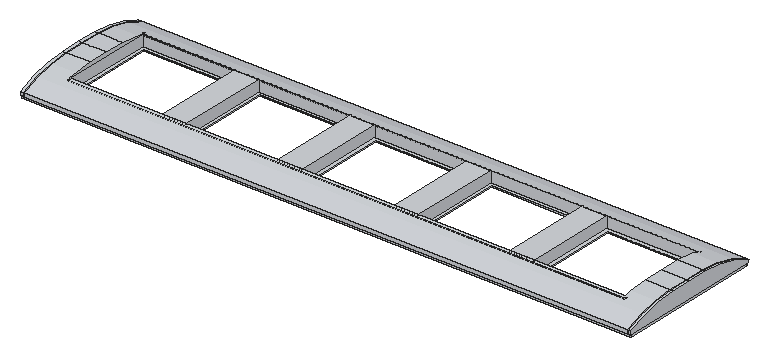
Revit family "Gira_0215733", category Electrical Fixtures, host Face, Revit 2017
Family settings
  Host = Face
  Maintain Annotation Orientation = No
  Round Connector Dimension = Use Diameter
  Part Type = Normal
  Cut with Voids When Loaded = No
  Shared = No
  Room Calculation Point = No
Parameters (values of type "Cov.fr. 5-g interm.fr. PW Gira Event Clear black")
  URL = "http://katalog.gira.de/en/datenblatt.html?artikelnr=0215733"
  Transparent = "No"
  Name = "Cov.fr. 5-g interm.fr. PW Gira Event Clear black"
  Manufacturer URL = "https://www.gira.de/"
  Manufacturer = "Gira"
  Label space/information surface = "No"
  Keynote = ""
  HeinzeBIM = "https://bimportal.heinze.de/bim/cov-fr-5-g-interm-fr-pw-gira-event-clear-black/1325d888bf1c276839e96593a5c3b328f4729d8b"
  HAN = "0215733"
  GTIN = "4010337068846"
  Description = "Cov.fr.5g i.fr.PW EvCl BK,Gira Event Clear cover frame,black with pure white glossy intermediate frame,5-gang,Features:,- Shatter-proof."
  Default Elevation = 1219.2 mm
  Data sheet (1) = "https://katalog.gira.de/en/download.html?artikelnr=0215733"
  Category = "Cover frame for domestic switching devices"
  BIM (1) = "https://media.stage.bim.site/public/gira/36a6b08/Event_Rahmen_5fach.rfa"
  Available = "No"
Reference planes
  plane 1 "Center (Front/Back)": y = 0
  plane 2: z = 0
  plane 3 "Center (Left/Right)": x = 0
Forms (mm)
  Extrusion 1, solid, detail levels fine
    sketch origin (0, 0, 0.05) x (0, 1, 0) y (0, 0, 1)
      loop
        arc (12.445, 9.683) -> (6.223, 9.833) -> (0, 9.85) r 291.636
        arc (0, 9.85) -> (-6.223, 9.833) -> (-12.445, 9.683) r 291.636
        arc (-12.445, 9.683) -> (-29.14, 7.482) -> (-45, 1.823) r 79.728
        line (-45, 1.823) -> (-45, -0.05) -> (-42.086, -0.05)
        arc (-42.086, -0.05) -> (-21.385, 5.559) -> (0, 7.206) r 114.424
        arc (0, 7.206) -> (21.385, 5.559) -> (42.086, -0.05) r 114.424
        line (42.086, -0.05) -> (45, -0.05) -> (45, 1.823)
        arc (45, 1.823) -> (29.14, 7.482) -> (12.445, 9.683) r 79.728
    from -185.578 to 185.593
  Extrusion 2, void, detail levels fine
    sketch origin (0, 0, 0) x (1, 0, 0) y (0, 1, 0)
      loop
        line (170.607, 28) -> (-170.593, 28) -> (-170.593, -28) -> (170.607, -28) -> (170.607, 28)
    from 0.724 to 11
  Extrusion 3, solid, detail levels coarse
    sketch origin (0, 0, 0) x (1, 0, 0) y (0, 1, 0)
      loop
        line (-187.578, 45) -> (-187.578, -45) -> (187.593, -45) -> (187.593, 45) -> (-187.578, 45)
    from -1.5 to 9.9
  Extrusion 4, solid, detail levels medium
    sketch origin (0, 0, 0.05) x (0, 1, 0) y (0, 0, 1)
      loop
        arc (12.445, 9.683) -> (6.223, 9.833) -> (0, 9.85) r 291.636
        arc (0, 9.85) -> (-6.223, 9.833) -> (-12.445, 9.683) r 291.636
        arc (-12.445, 9.683) -> (-29.14, 7.482) -> (-45, 1.823) r 79.728
        line (-45, 1.823) -> (-45, -0.05) -> (45, -0.05) -> (45, 1.823)
        arc (45, 1.823) -> (29.14, 7.482) -> (12.445, 9.683) r 79.728
    from -187.578 to 187.593
  Extrusion 5, solid, detail levels fine
    sketch origin (-142.578, 0, -1.5) x (0, 1, 0) y (0, 0, -1)
      loop
        line (45, -3.373) -> (45, -1.5) -> (-45, -1.5) -> (-45, -3.373)
        arc (-45, -3.373) -> (-29.14, -9.032) -> (-12.445, -11.233) r 79.728
        arc (-12.445, -11.233) -> (-6.223, -11.383) -> (0, -11.4) r 291.636
        arc (0, -11.4) -> (6.223, -11.383) -> (12.445, -11.233) r 291.636
        arc (12.445, -11.233) -> (29.14, -9.032) -> (45, -3.373) r 79.728
    from 43 to 45
  Extrusion 6, solid, detail levels fine
    sketch origin (0, 0, 0) x (1, 0, 0) y (0, 1, 0)
      loop
        line (-168.493, 25.7) -> (-168.493, -25.7) -> (-116.693, -25.7) -> (-116.693, 25.7) -> (-168.493, 25.7)
      loop
        line (-45.398, -25.7) -> (-45.398, 25.7) -> (-97.198, 25.7) -> (-97.198, -25.7) -> (-45.398, -25.7)
      loop
        line (-171.487, 28.49) -> (-171.487, -28.495)
        spline (-171.487, -28.495) -> (-171.479, -28.625) -> (-171.453, -28.754) -> (-171.411, -28.878) -> (-171.353, -28.995) -> (-171.281, -29.104) -> (-171.194, -29.202) -> (-171.096, -29.288) -> (-170.987, -29.361) -> (-170.87, -29.419) -> (-170.746, -29.461) -> (-170.618, -29.486) -> (-170.487, -29.495)
        line (-170.487, -29.495) -> (170.502, -29.495)
        spline (170.502, -29.495) -> (170.633, -29.486) -> (170.761, -29.461) -> (170.885, -29.419) -> (171.002, -29.361) -> (171.111, -29.288) -> (171.209, -29.202) -> (171.296, -29.104) -> (171.368, -28.995) -> (171.426, -28.878) -> (171.468, -28.754) -> (171.494, -28.625) -> (171.502, -28.495)
        line (171.502, -28.495) -> (171.502, 28.49)
        spline (171.502, 28.49) -> (171.494, 28.62) -> (171.468, 28.748) -> (171.426, 28.872) -> (171.368, 28.99) -> (171.296, 29.098) -> (171.209, 29.197) -> (171.111, 29.283) -> (171.002, 29.356) -> (170.885, 29.413) -> (170.761, 29.456) -> (170.633, 29.481) -> (170.502, 29.49)
        line (170.502, 29.49) -> (-170.487, 29.49)
        spline (-170.487, 29.49) -> (-170.618, 29.481) -> (-170.746, 29.456) -> (-170.87, 29.413) -> (-170.987, 29.356) -> (-171.096, 29.283) -> (-171.194, 29.197) -> (-171.281, 29.098) -> (-171.353, 28.99) -> (-171.411, 28.872) -> (-171.453, 28.748) -> (-171.479, 28.62) -> (-171.487, 28.49)
      loop
        line (25.902, -25.7) -> (25.902, 25.7) -> (-25.898, 25.7) -> (-25.898, -25.7) -> (25.902, -25.7)
      loop
        line (97.207, -25.7) -> (97.207, 25.7) -> (45.407, 25.7) -> (45.407, -25.7) -> (97.207, -25.7)
      loop
        line (168.507, -25.7) -> (168.507, 25.7) -> (116.707, 25.7) -> (116.707, -25.7) -> (168.507, -25.7)
    from 0.1 to 7.3
  Extrusion 7, solid
    sketch origin (0, 0, 0) x (1, 0, 0) y (0, 1, 0)
      loop
        arc (-187.293, -44.218) -> (-187.146, -44.572) -> (-186.793, -44.718) r 0.5
        line (-186.793, -44.718) -> (186.807, -44.718)
        arc (186.807, -44.718) -> (187.161, -44.572) -> (187.307, -44.218) r 0.5
        line (187.307, -44.218) -> (187.307, 44.182)
        arc (187.307, 44.182) -> (187.161, 44.535) -> (186.807, 44.682) r 0.5
        line (186.807, 44.682) -> (-186.793, 44.682)
        arc (-186.793, 44.682) -> (-187.146, 44.535) -> (-187.293, 44.182) r 0.5
        line (-187.293, 44.182) -> (-187.293, -44.218)
      loop
        line (-185.593, 42.982) -> (-185.593, -43.018) -> (185.607, -43.018) -> (185.607, 42.982) -> (-185.593, 42.982)
    from -1.5 to 0.5
  Extrusion 8, solid, detail levels fine
    sketch origin (142.593, 0, -1.5) x (0, 1, 0) y (0, 0, 1)
      loop
        arc (45, 3.373) -> (29.14, 9.032) -> (12.445, 11.233) r 79.728
        arc (12.445, 11.233) -> (6.223, 11.383) -> (0, 11.4) r 291.636
        arc (0, 11.4) -> (-6.223, 11.383) -> (-12.445, 11.233) r 291.636
        arc (-12.445, 11.233) -> (-29.14, 9.032) -> (-45, 3.373) r 79.728
        line (-45, 3.373) -> (-45, 1.5) -> (45, 1.5) -> (45, 3.373)
    from 43 to 45
  Extrusion 9, solid, detail levels medium
    sketch origin (0, 0, 0) x (1, 0, 0) y (0, 1, 0)
      loop
        line (-187.293, -44.718) -> (187.307, -44.718) -> (187.307, 44.682) -> (-187.293, 44.682) -> (-187.293, -44.718)
    from -1.5 to 0.5
  Extrusion 10, solid, detail levels fine
    sketch origin (-105.5, 0, 0) x (1, 0, 0) y (0, 1, 0)
      loop
        line (-8.943, 28.063) -> (-8.943, -27.937) -> (6.057, -27.937) -> (6.057, 28.063) -> (-8.943, 28.063)
    from 0.724 to 7.566
  Extrusion 11, solid, detail levels fine
    sketch origin (-37.085, 0, 0) x (-1, 0, 0) y (0, -1, 0)
      loop
        line (-8.943, -28.063) -> (6.057, -28.063) -> (6.057, 27.937) -> (-8.943, 27.937) -> (-8.943, -28.063)
    from 0.724 to 7.566
  Extrusion 12, solid, detail levels fine
    sketch origin (105.5, 0, 0) x (-1, 0, 0) y (0, -1, 0)
      loop
        line (-8.943, -28.063) -> (6.057, -28.063) -> (6.057, 27.937) -> (-8.943, 27.937) -> (-8.943, -28.063)
    from 0.724 to 7.566
  Extrusion 13, solid, detail levels fine
    sketch origin (37.085, 0, 0) x (1, 0, 0) y (0, 1, 0)
      loop
        line (-8.943, 28.063) -> (-8.943, -27.937) -> (6.057, -27.937) -> (6.057, 28.063) -> (-8.943, 28.063)
    from 0.724 to 7.566
Cuts and joins
  Extrusion 2 cuts Extrusion 1
  Extrusion 2 cuts Extrusion 6
Dimensions and locks
  aligned and locked: plane 2 to host face
  aligned and locked: level to host face
